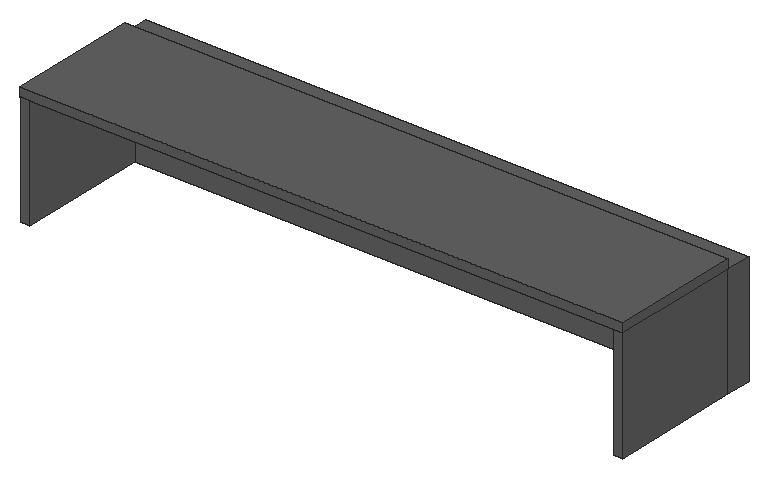
Revit family "S-900DD", category Generic Models, host Wall, Revit 2018
Family settings
  Host = Wall
  Can host rebar = No
  Round Connector Dimension = Use Diameter
  Part Type = Normal
  Always vertical = Yes
  Cut with Voids When Loaded = No
  Shared = No
  Room Calculation Point = No
Parameters
  Yellow Vinyl = Guide Stripe
  WIPER H = 2' - 0"
  WIPER FROM GRADE (12'-8" - DOCK HEIGHT) = 8' - 8"
  Vinyl = Skin
  URL = "https://sercodockproducts.com/exterior-equipment/seals-shelters/"
  SEAL PROJECTION = 0' - 10"
  Model = "DryDock"
  Manufacturer = "Serco"
  AQS W = 10' - 9"
Reference planes (in)
  plane 1: y = 0
  plane 2 "Center (Left/Right)": x = 0
  plane 3 "Wall Edge": y = 3
  plane 4: y = 13
  plane 5: y = 31
  plane 6: y = 3
  plane 7: y = 36.5
  plane 8: x = 64.5
  plane 9: x = -64.5
  plane 10: z = 128
  plane 11: z = 104
  plane 12: x = 62.5
  plane 13: x = -62.5
  plane 14: z = 130
Forms (in)
  Extrusion 1, solid, material "Skin" <- "Vinyl"
    sketch origin (0, 0, 0) x (1, 0, 0) y (0, 1, 0)
      loop
        line (-64.5, 36.5) -> (-64.5, 31) -> (64.5, 31) -> (64.5, 36.5) -> (-64.5, 36.5)
    from 104 to 128
  Extrusion 2, solid, material "Skin" <- "Vinyl"
    sketch origin (0, 0, 0) x (1, 0, 0) y (0, 1, 0)
      loop
        line (-64.5, 31) -> (-64.5, 3) -> (-62.5, 3) -> (-62.5, 31) -> (-64.5, 31)
      loop
        line (62.5, 31) -> (62.5, 3) -> (64.5, 3) -> (64.5, 31) -> (62.5, 31)
    from 104 to 128
  Extrusion 3, solid, material "Skin" <- "Vinyl"
    sketch origin (0, 0, 0) x (0, 1, 0) y (0, 0, 1)
      loop
        line (3, 128) -> (31, 128) -> (31, 130) -> (3, 130) -> (3, 128)
    from -64.5 to 64.5
Text (in)
  text "Placement Side" at (0, 40.15149, 123.01588), in view "Right"
  text "Placement Side" at (-70.3804, 28.46503, 0), in view "Ref. Level"
  text "Placement Side" at (0, 81.62555, 140.59947), in view "Left"
Dimensions and locks (in)
  locked: plane 3 "Wall Edge" to host wall
  "SEAL PROJECTION": plane 4 to plane 6
  locked: plane 4 to plane 5 at 18
  locked: plane 5 to plane 7 at 5.5
  equal spacing: plane 9, plane 2 "Center (Left/Right)", plane 8
  "AQS W": plane 9 to plane 8
  "WIPER FROM GRADE (12'-8" - DOCK HEIGHT)": plane 11 to level
  "WIPER H": plane 10 to plane 11
  locked: plane 9 to plane 13 at 2
  locked: plane 12 to plane 8 at 2
  locked: plane 14 to plane 10 at 2
  aligned and locked: plane 6 to host wall
  aligned and locked: Extrusion 1 sketch curve to plane 7
  aligned and locked: plane 9 to Extrusion 1 sketch curve
  aligned and locked: plane 5 to Extrusion 1 sketch curve
  aligned and locked: Extrusion 1 sketch curve to plane 8
  aligned and locked: plane 10 to Extrusion 1
  aligned and locked: Extrusion 1 to plane 11
  aligned and locked: Extrusion 2 sketch curve to plane 9
  aligned and locked: plane 6 to Extrusion 2 sketch curve  (x2)
  aligned and locked: Extrusion 2 sketch curve to plane 13
  aligned and locked: Extrusion 2 sketch curve to plane 5  (x2)
  aligned and locked: Extrusion 2 sketch curve to plane 12
  aligned and locked: Extrusion 2 sketch curve to plane 8
  aligned and locked: plane 10 to Extrusion 2
  aligned and locked: Extrusion 2 to plane 11
  aligned and locked: Extrusion 3 sketch curve to Extrusion 2  (x2)
  aligned and locked: Extrusion 3 sketch curve to plane 14
  aligned and locked: plane 5 to Extrusion 3 sketch curve
  aligned and locked: Extrusion 3 to plane 9
  aligned and locked: Extrusion 3 to plane 8
